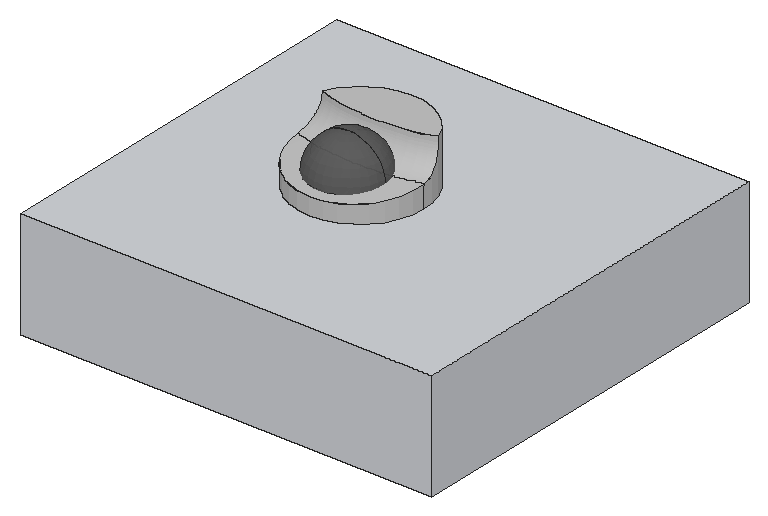
Revit family
Parameters (values of type "Standard, M-12")
  z Dome Material = ABS Resin - Panasonic - Smoked
  z Base Radius = 2.1405"
  Wide Dynamic Range (Super Dynamic) = yes
  Weight = 0.771615 lbf
  Voltage DC = 0 V
  Voltage AC = 48 V
  Vandal Resistant = yes
  URL = "http://security.panasonic.com/pss/security/"
  Tilting Range = "-75 to +75"
  Storage Temperature = "14°F - 122°F"  # constant formula
  Regulatory Compliance = "UL 60065, FCC Part 15 Class A, C-UL CAN/CSA C22.2 No.60065, ICES 003 Class A"
  Provide Feedback = "https://www.surveymonkey.com/s/95FL6QY"
  Product Page URL = "http://security.panasonic.com/pss/security/products/hd/wv-sw152/index.html"
  Product Material = Aluminum - Panasonic - Light Gray
  Product Documentation Link = "http://cr.panasonic.com/assets/18000-18999/ucm_stg_cnt_052428.pdf"
  Power Active = 0 W
  Part Number = Model  # "WV-SW152M"
  Part Description = Description  # "Security Camera, Dome, Vandal Resistant, Super Dynamic, Network, M-12"
  Panning Range = "+180 to -170"
  Original Creation Date = "August 13, 2012"
  Operational Temperature = "14°F - 122°F"  # constant formula
  Operational Humidity = "90% or less (without condensation)"
  Mounting Positions = "Mount Dependent"
  Model Disclaimer = "Contact Panasonic for more information"  # constant formula
  Model = "WV-SW152M"
  Minimum Illumination = 0.6 lx
  Manufacturer = "Panasonic"  # constant formula
  Lens Mount = "N/A"
  Indoor Or Outdoor = "Indoor"
  IP Or Analog = "IP"
  Height = 1.844"
  Has POE = yes
  Family Version = "1.0.0"  # constant formula
  Equipment Number [instance] = ""
  Equipment Abbreviation = "SC"
  Dome Part Number = "WV-CW6S"  # constant formula
  Diameter = 4.281"
  Description = "Security Camera, Dome, Vandal Resistant, Super Dynamic, Network, M-12"
  Default Elevation = 0.000"
  Day Or Night = "Yes"
  Date Last Modified = "August 13, 2012"
  Copyright = "Copyright © Panasonic"  # constant formula
  Communication Ports = "10Base-T / 100Base-TX, RJ-45, M-12"
  Audio Out = "None"
  Audio In = "None"
  Angle Of View = "104"
  Alarm Input Or Output Specification = "N/A"
Types (5): name | Product Page URL | Product Documentation Link | Part Number | Part Description | Model | Minimum Illumination | Description | Communication Ports
  (no name) | "http://security.panasonic.com/pss/security/products/hd/wv-sw152/index.html" | "http://cr.panasonic.com/assets/18000-18999/ucm_stg_cnt_052428.pdf" | "WV-SW152M" | "Security Camera, Dome, Vandal Resistant, Super Dynamic, Network, M-12" | "WV-SW152M" | 0.6 lx | "Security Camera, Dome, Vandal Resistant, Super Dynamic, Network, M-12" | "10Base-T / 100Base-TX, RJ-45, M-12"
  Standard | "http://security.panasonic.com/pss/security/products/hd/wv-sw152/index.html" | "http://ssbu-t.psn-web.net/Products/IP_camera/WV-SW155/Specsheet/English/NTSC/WV-SW155-152_2A-079CL.pdf" | "WV-SW152" | "Security Camera, Dome, Vandal Resistant, Super Dynamic, Network" | "WV-SW152" | 0.6 lx | "Security Camera, Dome, Vandal Resistant, Super Dynamic, Network" | "10Base-T / 100Base-TX, RJ-45"
  HD | "http://security.panasonic.com/pss/security/products/hd/wv-sw155/index.html" | "http://ssbu-t.psn-web.net/Products/IP_camera/WV-SW155/Specsheet/English/NTSC/WV-SW155-152_2A-079CL.pdf" | "WV-SW155" | "Security Camera, Dome, Vandal Resistant, Super Dynamic, Network, HD" | "WV-SW155" | 0.8 lx | "Security Camera, Dome, Vandal Resistant, Super Dynamic, Network, HD" | "10Base-T / 100Base-TX, RJ-45"
  Standard, M-12 | "http://security.panasonic.com/pss/security/products/hd/wv-sw152/index.html" | "http://cr.panasonic.com/assets/18000-18999/ucm_stg_cnt_052428.pdf" | "WV-SW152M" | "Security Camera, Dome, Vandal Resistant, Super Dynamic, Network, M-12" | "WV-SW152M" | 0.6 lx | "Security Camera, Dome, Vandal Resistant, Super Dynamic, Network, M-12" | "10Base-T / 100Base-TX, RJ-45, M-12"
  HD, M-12 | "http://security.panasonic.com/pss/security/products/hd/wv-sw155/index.html" | "http://ssbu-t.psn-web.net/Products/IP_camera/WV-SW155/Specsheet/English/NTSC/WV-SW155-152_2A-079CL.pdf" | "WV-SW155M" | "Security Camera, Dome, Vandal Resistant, Super Dynamic, Network, HD, M-12" | "WV-SW155M" | 0.8 lx | "Security Camera, Dome, Vandal Resistant, Super Dynamic, Network, HD, M-12" | "10Base-T / 100Base-TX, RJ-45, M-12"
Reference planes (in)
  plane 1 "Center (Front/Back)": y = 0
  plane 2: z = 0
  plane 3 "Center (Left/Right)": x = 0
  plane 4: x = 2.1405
  plane 5: x = -2.1405
  plane 6: z = 1.758
  plane 7: x = -0.75
  plane 8: x = 0.75
  plane 9: y = -1
  plane 10: y = -1.75
  plane 11: y = -0.25
  plane 12: y = 0.531
  plane 13: x = -1.9405
  plane 14: x = 1.9405
  plane 15: z = 0.558
  plane 16: z = 1.258
  plane 17: z = 0.758
  plane 18: y = -0.5
  plane 19: z = 0
  plane 20: z = 1.844
Forms (in)
  Extrusion 1, solid
    sketch origin (0, 0, 0) x (1, 0, 0) y (0, 1, 0)
      loop
        line (-5.98395, 6.49686) -> (-5.98395, -6.8388) -> (7.86462, -6.8388) -> (7.86462, 6.49686) -> (-5.98395, 6.49686)
    from 0 to -3.65195
  Extrusion 2, solid, material "Aluminum - Panasonic - Light Gray" <- "Product Material"
    sketch origin (0, 0, 0) x (1, 0, 0) y (0, 1, 0)
      loop
        circle (0, 0) r 2.1405
    from 0 to 1.758
  Sweep 3, void
    path in 3D
      loop
        spline (-2.08128, 1.031, 1.5) -> (-2.01037, 0.90159, 1.5) -> (-1.80244, 0.781, 1.5) -> (-1.47169, 0.67745, 1.5) -> (-1.04064, 0.59799, 1.5) -> (-0.53868, 0.54804, 1.5) -> (0, 0.531, 1.5) -> (0.53868, 0.54804, 1.5) -> (1.04064, 0.59799, 1.5) -> (1.47169, 0.67745, 1.5) -> (1.80244, 0.781, 1.5) -> (2.01037, 0.90159, 1.5) -> (2.08128, 1.031, 1.5)
    profile origin (0, 0.531, 1.5) x (0, 1, 0) y (0, 0, 1)
      loop
        line (0, 0.258) -> (-2.69735, 0.258) -> (-2.69735, -0.942) -> (-0.78008, -0.742)
        arc (-0.78008, -0.742) -> (-0.21809, -0.37614) -> (0, 0.258) r 1.031
  Revolve 4, solid, material "ABS Resin - Panasonic - Smoked" <- "z Dome Material"
    sketch origin (-60, -0.5, 48) x (-1, 0, 0) y (0, 0, 1)
      loop
        arc (-58.714, -47.442) -> (-59.09066, -46.53266) -> (-60, -46.156) r 1.286
        line (-60, -46.156) -> (-60, -47.442) -> (-58.714, -47.442)
      axis (-60, -46.156) -> (-60, -47.442)
    angle from 0 to 360
  Sweep 5, void
    path in 3D
      loop
        spline (1.95915, 0.86224, 1.758) -> (1.68427, 0.73727, 1.758) -> (1.33924, 0.64827, 1.758) -> (1.00256, 0.59283, 1.758) -> (0.6758, 0.55809, 1.758) -> (0.33657, 0.53758, 1.758) -> (-0.00125, 0.531, 1.758) -> (-0.33355, 0.53746, 1.758) -> (-0.66848, 0.55749, 1.758) -> (-1.00338, 0.59294, 1.758) -> (-1.34664, 0.64977, 1.758) -> (-1.6891, 0.73887, 1.758) -> (-1.95915, 0.86224, 1.758)
    profile origin (-0.00125, 0.531, 1.758) x (-0.000132, -1, 0) y (0, 0, 1)
      loop
        line (0, 0) -> (-0.31705, 0) -> (-0.31705, -1.758) -> (2.281, -1.758) -> (2.281, -1.15775) -> (0.78008, -1.358)
        arc (0.78008, -1.358) -> (0.2089, -0.78305) -> (0, 0) r 1.57208
Cuts and joins
  Sweep 3 cuts Extrusion 2
  Sweep 5 cuts Revolve 4
Lines and regions (in)
  Masking region 1
    outline origin (0, 0, 0) x (1, 0, 0) y (0, 1, 0)
      loop
        circle (0, 0) r 2.1405
  Masking region 2
    outline origin (0, 0, 0) x (1, 0, 0) y (0, 0, 1)
      loop
        line (-2.1405, 0.758) -> (-2.1405, 0) -> (2.1405, 0) -> (2.1405, 0.758) -> (2.00653, 1.258) -> (1.95915, 1.758) -> (-1.95915, 1.758) -> (-2.00653, 1.258) -> (-2.1405, 0.758)
  sketch lines
    curve 1: spline (-2.08128, 1.031, 1.5) -> (-2.01037, 0.90159, 1.5) -> (-1.80244, 0.781, 1.5) -> (-1.47169, 0.67745, 1.5) -> (-1.04064, 0.59799, 1.5) -> (-0.53868, 0.54804, 1.5) -> (0, 0.531, 1.5) -> (0.53868, 0.54804, 1.5) -> (1.04064, 0.59799, 1.5) -> (1.47169, 0.67745, 1.5) -> (1.80244, 0.781, 1.5) -> (2.01037, 0.90159, 1.5) -> (2.08128, 1.031, 1.5)
    curve 2: spline (1.95915, 0.86224, 1.758) -> (1.68427, 0.73727, 1.758) -> (1.33924, 0.64827, 1.758) -> (1.00256, 0.59283, 1.758) -> (0.6758, 0.55809, 1.758) -> (0.33657, 0.53758, 1.758) -> (-0.00125, 0.531, 1.758) -> (-0.33355, 0.53746, 1.758) -> (-0.66848, 0.55749, 1.758) -> (-1.00338, 0.59294, 1.758) -> (-1.34664, 0.64977, 1.758) -> (-1.6891, 0.73887, 1.758) -> (-1.95915, 0.86224, 1.758)
  symbolic lines, style "SecurityDevices", detail levels fine
    curve 3: circle (0, -0.5, 0) r 1.286 normal (0, 0, 1)
Dimensions and locks (in)
  equal spacing: plane 5, plane 3 "Center (Left/Right)", plane 4
  "Diameter": plane 5 to plane 4
  plane 6 to plane 2 = 1.758"
  plane 11 to plane 9 to plane 10 = 0.750" locked, 0.750" locked
  plane 1 "Center (Front/Back)" to plane 12 = 0.531"
  "Height": plane 20 to plane 19
  plane 6 to plane 16 to plane 17 to plane 15 to plane 19 = 0.500" locked, 0.500" locked, 0.200" locked, 0.558" locked
  "z Base Radius": radius of Extrusion 2 sketch curve
  aligned and locked: plane 2 to Extrusion 1
  aligned and locked: level to Extrusion 1
  aligned and locked: plane 1 "Center (Front/Back)" to Extrusion 2 sketch curve
  aligned and locked: plane 3 "Center (Left/Right)" to Extrusion 2 sketch curve
  aligned and locked: plane 6 to Extrusion 2
  aligned and locked: Revolve 4 sketch curve to plane 15
  aligned and locked: cut or joined group of Extrusion 2, Sweep 3 to plane 19
  aligned and locked: plane 3 "Center (Left/Right)" to Revolve 4 sketch curve
  aligned and locked: plane 6 to Sweep 3 sketch curve
  aligned and locked: plane 15 to Sweep 3 sketch curve
  aligned and locked: plane 17 to Sweep 3 sketch curve
  aligned and locked: Sweep 5 sketch curve to plane 19
  aligned and locked: plane 6 to Sweep 5 sketch curve
Automatic sketch dimensions
  Extrusion 1 sketch curve to Extrusion 1 sketch curve = 13.84857"
  Extrusion 1 sketch curve to Extrusion 1 sketch curve = 13.33566"
  Sweep 3 sketch curve to profile plane = 0.000"
  profile plane to Sweep 3 sketch curve = 0.78008"
  Sweep 3 sketch curve to Sweep 3 sketch curve = 1.91727"
  Sweep 5 sketch curve to profile plane = 0.000"
  profile plane to Sweep 5 sketch curve = 0.31705"
  Sweep 5 sketch curve to profile plane = 0.78008"
  Sweep 5 sketch curve to Sweep 5 sketch curve = 1.50092"
  Sweep 5 sketch curve to profile plane = 1.15775"
  Sweep 5 sketch curve to Sweep 5 sketch curve = 0.400"
  Revolve 4 sketch curve to plane 3 "Center (Left/Right)" = 0.000"
  Revolve 4 sketch curve to plane 20 = 0.000"
  Revolve 4 sketch curve to plane 16 = 0.17748"
  plane 6 to Revolve 4 sketch curve = 0.12412"
  plane 1 "Center (Front/Back)" to Masking region 1 sketch curve = 0.000"
  Masking region 1 sketch curve to plane 3 "Center (Left/Right)" = 0.000"
  Masking region 2 sketch curve to level = 0.000"
  plane 5 to Masking region 2 sketch curve = 0.000"
  Masking region 2 sketch curve to plane 16 = 0.000"  (x2)
  Masking region 2 sketch curve to plane 6 = 0.000"
  plane 4 to Masking region 2 sketch curve = 0.000"
  Masking region 2 sketch curve to plane 17 = 0.000"  (x2)
  plane 13 to Masking region 2 sketch curve = 0.06603"
  plane 13 to Masking region 2 sketch curve = 0.01865"
  plane 14 to Masking region 2 sketch curve = 0.01865"
  plane 14 to Masking region 2 sketch curve = 0.06603"
  curve 3 to plane 3 "Center (Left/Right)" = 0.000"
  plane 18 to curve 3 = 0.000"
  radius of Masking region 1 sketch curve = 2.1405"
  radius of curve 3 = 1.286"
Connectors (in)
  electrical at (0, 0, 0), driven by "Voltage AC", driven by "Power Active"
    settings: on cut or joined group of Extrusion 2, Sweep 3, index 1, voltage 48 V, apparent load 0 W, apparent load phase1 0 W, apparent load phase2 0 W, apparent load phase3 0 W, power factor 1, load classification "Other", number of poles 1, system type 30, power factor state 1, is connector primary yes, connector utility no, sub classification motor no, connector description "Electrical Connector"
